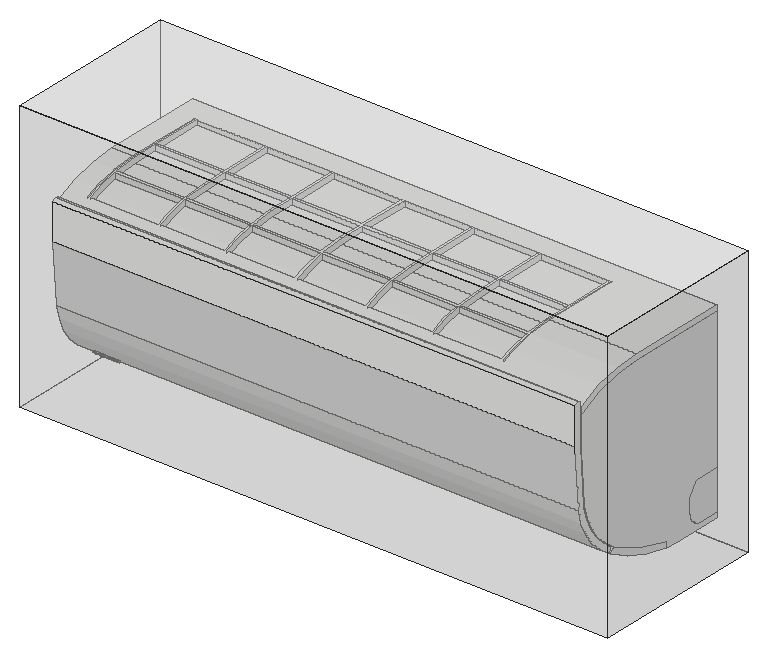
Revit family "outputfile", category 機械設備, Revit 2024
Family settings
  丸型コネクタ寸法 = 半径を使用
  パーツ タイプ = 標準
  OmniClass 番号 = 23.75.10.24.21.27.27
  OmniClass タイトル = Split System Air Conditioning Units
  作業面ベース = いいえ
  常に垂直 = はい
  ロード時にボイドで切り取り = いいえ
  注釈の向きを維持 = いいえ
  共有 = いいえ
  部屋計算ポイント = いいえ
Parameters (values of type "FXAQ20AVM4")
  Description = ""
  製造元 = "Daikin"
  書き出し IFC クラス(タイプ) = "IfcUnitaryEquipmentType"
  定義済み IFC タイプ(タイプ) = "AIRCONDITIONINGUNIT"
  Cost = 0
  モデル = "FXAQ20AVM4"
  Type Comments = ""
  Keynote = ""
  Type Image = (empty or 0)
  Assembly Code = ""
  w3_Indoor air flow = if(Width = 1050.0 mm, 109.0 mm, 1.0 mm)  # 1.0 mm
  w2_Indoor air flow = if(Width = 1050.0 mm, 103.0 mm, 98.0 mm)  # 98.0 mm
  w1_Indoor air flow = if(Width = 1050.0 mm, 108.0 mm, 103.0 mm)  # 103.0 mm
  r_Liquid Pipe Size = Liquid Pipe Size / 2  # 3.2 mm
  r_Gas Pipe Size = Gas Pipe Size / 2  # 6.35 mm
  r_Drain Pipe Size = Drain Pipe Size / 2  # 7.5 mm
  lw_powersupply [instance] = if(Width = 795.0 mm, if(or(Rear Right Connection_refrigerant, Bottom Right Connection_refrigerant), 83.0 mm, if(or(Rear Left Connection_refrigerant, Bottom Left Connection_refrigerant), 740.0 mm, 400.0 mm)), if(Width = 1050.0 mm, if(or(Rear Right Connection_refrigerant, Bottom Right Connection_refrigerant), 83.0 mm, if(or(Rear Left Connection_refrigerant, Bottom Left Connection_refrigerant), 712.0 mm + (1050.0 mm - 795.0 mm), 400.0 mm)), if(or(Rear Right Connection_refrigerant, Bottom Right Connection_refrigerant), 83.0 mm, if(or(Rear Left Connection_refrigerant, Bottom Left Connection_refrigerant), 712.0 mm, 400.0 mm))))  # 400.0 mm
  lw_liquidpipe [instance] = if(Width = 795.0 mm, if(or(Rear Right Connection_refrigerant, Bottom Right Connection_refrigerant), 0.0 mm, if(or(Rear Left Connection_refrigerant, Bottom Left Connection_refrigerant), 627.0 mm, 460.0 mm)), if(Width = 1050.0 mm, if(or(Rear Right Connection_refrigerant, Bottom Right Connection_refrigerant), 0.0 mm, if(or(Rear Left Connection_refrigerant, Bottom Left Connection_refrigerant), 627.0 mm + (1050.0 mm - 795.0 mm), 460.0 mm)), if(or(Rear Right Connection_refrigerant, Bottom Right Connection_refrigerant), 0.0 mm, if(or(Rear Left Connection_refrigerant, Bottom Left Connection_refrigerant), 627.0 mm, 460.0 mm))))  # 460.0 mm
  lw_gaspipe [instance] = if(Width = 795.0 mm, if(or(Rear Right Connection_refrigerant, Bottom Right Connection_refrigerant), 0.0 mm, if(or(Rear Left Connection_refrigerant, Bottom Left Connection_refrigerant), 620.0 mm, 415.0 mm)), if(Width = 1050.0 mm, if(or(Rear Right Connection_refrigerant, Bottom Right Connection_refrigerant), 0.0 mm, if(or(Rear Left Connection_refrigerant, Bottom Left Connection_refrigerant), 620.0 mm + (1050.0 mm - 795.0 mm), 415.0 mm)), if(or(Rear Right Connection_refrigerant, Bottom Right Connection_refrigerant), 0.0 mm, if(or(Rear Left Connection_refrigerant, Bottom Left Connection_refrigerant), 620.0 mm, 415.0 mm))))  # 415.0 mm
  lw_drainpipe [instance] = if(Width = 795.0 mm, if(or(Rear Right Connection_refrigerant, Bottom Right Connection_refrigerant), 0.0 mm, if(or(Rear Left Connection_refrigerant, Bottom Left Connection_refrigerant), 655.0 mm, 475.0 mm)), if(Width = 1050.0 mm, if(or(Rear Right Connection_refrigerant, Bottom Right Connection_refrigerant), 0.0 mm, if(or(Rear Left Connection_refrigerant, Bottom Left Connection_refrigerant), 655.0 mm + (1050.0 mm - 795.0 mm), 475.0 mm)), if(or(Rear Right Connection_refrigerant, Bottom Right Connection_refrigerant), 0.0 mm, if(or(Rear Left Connection_refrigerant, Bottom Left Connection_refrigerant), 655.0 mm, 475.0 mm))))  # 475.0 mm
  l_powersupply_length [instance] = if(Width = 795.0 mm, if(Right Connection_refrigerant, 400.0 mm, if(Left Connection_refrigerant, 395.0 mm, if(or(Rear Left Connection_refrigerant, Rear Right Connection_refrigerant), 15.0 mm, 50.0 mm))), if(Width = 1050.0 mm, if(Right Connection_refrigerant, 400.0 mm, if(Left Connection_refrigerant, 395.0 mm + (1050.0 mm - 795.0 mm), if(or(Rear Left Connection_refrigerant, Rear Right Connection_refrigerant), 15.0 mm, 50.0 mm))), if(Right Connection_refrigerant, 400.0 mm, if(Left Connection_refrigerant, 395.0 mm, if(or(Rear Left Connection_refrigerant, Rear Right Connection_refrigerant), 15.0 mm, 50.0 mm)))))  # 400.0 mm
  l_liquidpipe_length [instance] = if(Width = 795.0 mm, if(Right Connection_refrigerant, 558.0 mm, if(Left Connection_refrigerant, 237.0 mm, if(or(Rear Left Connection_refrigerant, Rear Right Connection_refrigerant), 30.0 mm, 40.0 mm))), if(Width = 1050.0 mm, if(Right Connection_refrigerant, 558.0 mm, if(Left Connection_refrigerant, 237.0 mm + (1050.0 mm - 795.0 mm), if(or(Rear Left Connection_refrigerant, Rear Right Connection_refrigerant), 30.0 mm, 40.0 mm))), if(Right Connection_refrigerant, 558.0 mm, if(Left Connection_refrigerant, 237.0 mm, if(or(Rear Left Connection_refrigerant, Rear Right Connection_refrigerant), 30.0 mm, 40.0 mm)))))  # 558.0 mm
  l_gaspipe_length [instance] = if(Width = 795.0 mm, if(Right Connection_refrigerant, 513.0 mm, if(Left Connection_refrigerant, 282.0 mm, if(or(Rear Left Connection_refrigerant, Rear Right Connection_refrigerant), 40.0 mm, 50.0 mm))), if(Width = 1050.0 mm, if(Right Connection_refrigerant, 513.0 mm, if(Left Connection_refrigerant, 282.0 mm + (1050.0 mm - 795.0 mm), if(or(Rear Left Connection_refrigerant, Rear Right Connection_refrigerant), 40.0 mm, 50.0 mm))), if(Right Connection_refrigerant, 513.0 mm, if(Left Connection_refrigerant, 282.0 mm, if(or(Rear Left Connection_refrigerant, Rear Right Connection_refrigerant), 40.0 mm, 50.0 mm)))))  # 513.0 mm
  l_drainpipe_length [instance] = if(Width = 795.0 mm, if(Right Connection_refrigerant, 573.0 mm, if(Left Connection_refrigerant, 222.0 mm, if(or(Rear Left Connection_refrigerant, Rear Right Connection_refrigerant), 15.0 mm, 20.0 mm))), if(Width = 1050.0 mm, if(Right Connection_refrigerant, 573.0 mm, if(Left Connection_refrigerant, 222.0 mm + (1050.0 mm - 795.0 mm), if(or(Rear Left Connection_refrigerant, Rear Right Connection_refrigerant), 15.0 mm, 20.0 mm))), if(Right Connection_refrigerant, 573.0 mm, if(Left Connection_refrigerant, 477.0 mm, if(or(Rear Left Connection_refrigerant, Rear Right Connection_refrigerant), 15.0 mm, 20.0 mm)))))  # 573.0 mm
  h*** = 0.0 mm  # constant formula
  d1_Indoor air flow = if(Width = 1050.0 mm, 38.0 mm, 35.0 mm)  # 35.0 mm
  angle_vertical [instance] = if(or(Bottom Left Connection_refrigerant, Bottom Right Connection_refrigerant), 0.00°, 90.00°)  # 90.00°
  angle_horizontal [instance] = if(Right Connection_refrigerant, 90.00°, if(Left Connection_refrigerant, -90.00°, if(or(Rear Left Connection_refrigerant, Rear Right Connection_refrigerant), 180.00°, 0.00°)))  # 90.00°
  Width = 795.0 mm
  Voltage_comment_50Hz = "220-240"
  Voltage_50Hz = 230 V
  Version = "ver.1.0"
  Unit Type = "Wall Mounted Type"
  Unit Mass Weight = 12.00 kg
  Unit Designation [instance] = ""
  Uniclass2015Version = "Products v1.30"
  Uniclass2015Title = "Variable refrigerant flow units"
  Uniclass2015Code = "Pr_70_65_03_94"
  URL = ""
  Total Heating Capacity [instance] = 0.000 kW
  Total Cooling Capacity [instance] = 0.000 kW
  Sound Pressure Level_M speed (dBA) = 0
  Sound Pressure Level_L speed (dBA) = 28.5
  Sound Pressure Level_H speed (dBA) = 33
  Sound Power Level_H speed (dB) = 0
  Series = "VRV Fan Coil Unit"
  Sensible Cooling Capacity [instance] = 0.000 kW
  Refrigerant Type = "R410A"
  Power Input (Heating) = 0.040 kW
  Power Input (Cooling) = 0.040 kW
  Phase_50Hz = 1
  Option Accessory 3 [instance] = ""
  Option Accessory 2 [instance] = ""
  Option Accessory 1 [instance] = ""
  Nominal Heating Capacity = 2.500 kW
  Nominal Cooling Capacity = 2.200 kW
  Minimum Circuit Amps_50Hz = 0.6 A
  Minimum Airflow = 420.00 m³/h
  Median Airflow = 0.00 m³/h
  Maximum Fuse Amps_50Hz = 15.0 A
  Maximum Airflow = 546.00 m³/h
  Material_Casing = DAIKIN_White_Casing_indoorunit
  Load Classification = HVAC
  Liquid Pipe Size = 6.4 mm
  Link_Nested Family [instance] = ""
  IfcVersion = "0"
  IfcExportType = "AIRCONDITIONINGUNIT"
  IfcExportAs = "IfcUnitaryEquipmentType"
  Height = 290.0 mm
  Heating Entering Wet Bulb Temperature [instance] = 0.00 °C
  Heating Entering Dry Bulb Temperature [instance] = 0.00 °C
  Heating Ambient Wet Bulb Temperature [instance] = 0.00 °C
  Heating Ambient Dry Bulb Temperature [instance] = 0.00 °C
  Heat Exchanger Type = "Cross Fin Coil"
  Gas Pipe Size = 12.7 mm
  Frequency_50Hz = 50 Hz
  Fan Type = "Cross Flow Fan"
  Fan Drive = "Direct Drive"
  FCU Tag No. [instance] = ""
  Drain Pipe Size = 15.0 mm
  Design Supply Airflow [instance] = 0.00 m³/h
  Depth = 266.0 mm
  既定の高さ = 0.0 mm
  Cooling Entering Wet Bulb Temperature [instance] = 0.00 °C
  Cooling Entering Dry Bulb Temperature [instance] = 0.00 °C
  Cooling Ambient Wet Bulb Temperature [instance] = 0.00 °C
  Cooling Ambient Dry Bulb Temperature [instance] = 0.00 °C
  Clearance visibility [instance] = yes
  Clearance Top = 90.0 mm
  Clearance Right = 50.0 mm
  Clearance Rear = 0.0 mm
  Clearance Left = 50.0 mm
  Clearance Front = 0.0 mm
  Clearance Bottom = 30.0 mm
  Bottom Right Connection_refrigerant [instance] = no
  Bottom Left Connection_refrigerant [instance] = no
  Rear Right Connection_refrigerant [instance] = no
  Rear Left Connection_refrigerant [instance] = no
  Right Connection_refrigerant [instance] = yes
  Left Connection_refrigerant [instance] = no
Reference planes
  plane 1 "Back": y = 0
  plane 2: z = 0
  plane 3 "Center (Left/Right)": x = 0
  plane 4 "Center (Front/Back)": y = -133
  plane 5 "Front": y = -266
  plane 6 "Left": x = -397.5
  plane 7 "Right": x = 397.5
  plane 8 "Top": z = 0
  plane 9 "Bottom": z = -290
  plane 10 "Front panel_Left": x = -395.5
  plane 11 "Front panel_Right": x = 395.5
  plane 12: x = 261.5
  plane 13: x = 256.5
  plane 14: x = -445.5
  plane 15: x = 445.5
  plane 16: y = 0
  plane 17: y = -266
  plane 18: z = 90
  plane 19: z = -320
  plane 20: y = -35
  plane 21: y = -111.5
  plane 22: y = -187.5
  plane 23: y = -237
  plane 24: y = -115
  plane 25: y = -191
  plane 26: x = -50
  plane 27: x = -52
  plane 28: x = -48
  plane 29: x = 55
  plane 30: x = -155
  plane 31: x = -158
  plane 32: x = 58
  plane 33: x = -256
  plane 34: x = 156
  plane 35: x = -259
  plane 36: x = 159
  plane 37: x = -362
  plane 38: x = 262
  plane 39: x = -365
  plane 40: x = 265
  plane 41: x = 266
  plane 42: x = -366
  plane 43 "lw_Piping and Wiring intake": x = 299.5
  plane 44 "lw_gaspipe": x = -115.5
  plane 45 "lw_liquidpipe": x = -160.5
  plane 46 "lw_drainpipe": x = -175.5
  plane 47 "lh_drainpipe": z = -270
  plane 48 "lh_liquidpipe": z = -250
  plane 49 "lh_gaspipe": z = -240
  plane 50 "ld_drainpipe": y = -15
  plane 51 "ld_liquidpipe": y = -30
  plane 52 "ld_gaspipe": y = -40
  plane 53 "lw_powersupply": x = -2.5
Forms (mm)
  Extrusion 1, solid, material "DAIKIN_White_Casing_indoorunit" <- "Material_Casing"
    sketch origin (0, 0, 0) x (0, 1, 0) y (0, 0, 1)
      loop
        line (0, 0) -> (-151.682, 0)
        arc (-151.682, 0) -> (-205.302, -6.828) -> (-255.5, -26.876) r 213.958
        line (-255.5, -26.876) -> (-255.5, -36.08)
        arc (-255.5, -36.08) -> (-205.456, -15.144) -> (-151.682, -8) r 205.958
        line (-151.682, -8) -> (0, -8) -> (0, 0)
    from -397.5 to 397.5
  Extrusion 2, solid, material "DAIKIN_White_Casing_indoorunit" <- "Material_Casing"
    sketch origin (0, 0, 0) x (0, 1, 0) y (0, 0, 1)
      loop
        arc (-151.682, -8) -> (-205.456, -15.144) -> (-255.5, -36.08) r 205.958
        line (-255.5, -36.08) -> (-255.5, -86.08)
        arc (-255.5, -86.08) -> (-253.87, -125.667) -> (-248.99, -164.986) r 481.435
        arc (-248.99, -164.986) -> (-230.945, -209.78) -> (-195.65, -242.741) r 111.486
        arc (-195.65, -242.741) -> (-147.09, -265.96) -> (-95.247, -280.433) r 310.126
        line (-95.247, -280.433) -> (-95.247, -288.232)
        arc (-95.247, -288.232) -> (-84.534, -289.557) -> (-73.748, -290) r 131.592
        line (-73.748, -290) -> (0, -290) -> (0, -8) -> (-151.682, -8)
    from -397.5 to 397.5
  Extrusion 3, solid, material "DAIKIN_White_Casing_indoorunit" <- "Material_Casing"
    sketch origin (397.5, 1296.25, 1200) x (0, 1, 0) y (0, 0, 1)
      loop
        line (-1491.901, -1442.741) -> (-1496.494, -1450.482)
        arc (-1496.494, -1450.482) -> (-1447.058, -1474.911) -> (-1393.497, -1488.023) r 252.452
        line (-1393.497, -1488.023) -> (-1393.497, -1480.051)
        arc (-1393.497, -1480.051) -> (-1444.293, -1465.6) -> (-1491.901, -1442.741) r 310.126
    from 0 to -40.5
  Extrusion 4, solid, material "DAIKIN_White_Casing_indoorunit" <- "Material_Casing"
    sketch origin (0, 0, 0) x (0, 1, 0) y (0, 0, 1)
      loop
        line (-257, -76.896) -> (-257, -19.457) -> (-258.688, -19.457)
        arc (-258.688, -19.457) -> (-262.551, -20.17) -> (-266, -22.048) r 12.48
        line (-266, -22.048) -> (-266, -76.896) -> (-257, -76.896)
    from -395.5 to 395.5
  Extrusion 5, solid, material "DAIKIN_White_Casing_indoorunit" <- "Material_Casing"
    sketch origin (0, 0, 0) x (0, 1, 0) y (0, 0, 1)
      loop
        arc (-266, -76.896) -> (-264.342, -121.828) -> (-259.378, -166.517) r 609.735
        line (-259.378, -166.517) -> (-250.471, -165.192)
        arc (-250.471, -165.192) -> (-255.366, -121.165) -> (-257, -76.896) r 600.314
        line (-257, -76.896) -> (-266, -76.896)
    from -395.5 to 395.5
  Extrusion 6, solid, material "DAIKIN_White_Casing_indoorunit" <- "Material_Casing"
    sketch origin (0, 0, 0) x (0, 1, 0) y (0, 0, 1)
      loop
        arc (-259.378, -166.517) -> (-240.331, -214.672) -> (-201.947, -249.433) r 114
        line (-201.947, -249.433) -> (-197.324, -241.643)
        arc (-197.324, -241.643) -> (-232.845, -209.638) -> (-250.471, -165.192) r 104.894
        line (-250.471, -165.192) -> (-259.378, -166.517)
    from -395.5 to 395.5
  Extrusion 7, solid, material "DAIKIN_White_Casing_indoorunit" <- "Material_Casing"
    sketch origin (-397.5, 1296.25, 1200) x (0, 1, 0) y (0, 0, 1)
      loop
        arc (-1496.494, -1450.482) -> (-1447.058, -1474.911) -> (-1393.497, -1488.023) r 252.452
        line (-1393.497, -1488.023) -> (-1393.497, -1480.051)
        arc (-1393.497, -1480.051) -> (-1444.293, -1465.6) -> (-1491.901, -1442.741) r 310.126
        line (-1491.901, -1442.741) -> (-1496.494, -1450.482)
    from 0 to 40.5
  Extrusion 8, solid, material "DAIKIN_White_Casing_indoorunit" <- "Material_Casing"
    sketch origin (0, 0, 0) x (0, 1, 0) y (0, 0, 1)
      loop
        arc (-133.049, -280.649) -> (-115.282, -284.985) -> (-97.247, -288.023) r 252.452
        line (-97.247, -288.023) -> (-97.247, -280.051)
        arc (-97.247, -280.051) -> (-113.907, -276.335) -> (-130.338, -271.708) r 310.126
        line (-130.338, -271.708) -> (-133.049, -280.649)
    from -357 to 357
  Extrusion 9, solid, material "DAIKIN_White_Casing_indoorunit" <- "Material_Casing"
    sketch origin (261.5, -1524, 1789.769) x (0, 0, 1) y (0, -1, 0)
      loop
        line (-2032.51, -1328.35) -> (-2040.251, -1323.756)
        arc (-2040.251, -1323.756) -> (-2050.358, -1341.058) -> (-2059.061, -1359.107) r 252.452
        line (-2059.061, -1359.107) -> (-2050.603, -1364.126)
        arc (-2050.603, -1364.126) -> (-2042.135, -1345.945) -> (-2032.51, -1328.35) r 310.126
    from 0 to 95.5
  Extrusion 10, solid, material "DAIKIN_White_Casing_indoorunit" <- "Material_Casing"
    sketch origin (261.5, -1524, 1789.769) x (0, 0, 1) y (0, -1, 0)
      loop
        arc (-2059.061, -1359.107) -> (-2065.273, -1374.839) -> (-2070.418, -1390.951) r 252.452
        line (-2070.418, -1390.951) -> (-2061.477, -1393.662)
        arc (-2061.477, -1393.662) -> (-2056.415, -1378.756) -> (-2050.603, -1364.126) r 310.126
        line (-2050.603, -1364.126) -> (-2059.061, -1359.107)
    from 0 to 95.5
  Extrusion 11, solid, material "DAIKIN_White_Casing_indoorunit" <- "Material_Casing"
    sketch origin (256.5, -1524, 1089.438) x (0, 0, 1) y (0, -1, 0)
      loop
        arc (-1350.272, -1364.126) -> (-1341.805, -1345.945) -> (-1332.179, -1328.35) r 310.126
        line (-1332.179, -1328.35) -> (-1339.92, -1323.756)
        arc (-1339.92, -1323.756) -> (-1350.027, -1341.058) -> (-1358.73, -1359.107) r 252.452
        line (-1358.73, -1359.107) -> (-1350.272, -1364.126)
    from 0 to -613.5
  Extrusion 12, solid, material "DAIKIN_White_Casing_indoorunit" <- "Material_Casing"
    sketch origin (256.5, -1524, 1089.438) x (0, 0, 1) y (0, -1, 0)
      loop
        arc (-1361.147, -1393.662) -> (-1356.085, -1378.756) -> (-1350.272, -1364.126) r 310.126
        line (-1350.272, -1364.126) -> (-1358.73, -1359.107)
        arc (-1358.73, -1359.107) -> (-1364.943, -1374.839) -> (-1370.087, -1390.951) r 252.452
        line (-1370.087, -1390.951) -> (-1361.147, -1393.662)
    from 0 to -613.5
  Extrusion 13, void
    sketch origin (0, 0, 0) x (-1, 0, 0) y (0, -1, 0)
      loop
        line (48, 35) -> (48, 111.5) -> (-55, 111.5) -> (-55, 35) -> (48, 35)
      loop
        line (-58, 35) -> (-58, 111.5) -> (-156, 111.5) -> (-156, 35) -> (-58, 35)
      loop
        line (-159, 35) -> (-159, 111.5) -> (-262, 111.5) -> (-262, 35) -> (-159, 35)
      loop
        line (-265, 35) -> (-265, 111.5) -> (-266, 111.5) -> (-266, 35) -> (-265, 35)
      loop
        line (155, 35) -> (155, 111.5) -> (52, 111.5) -> (52, 35) -> (155, 35)
      loop
        line (-265, 115) -> (-265, 187.5) -> (-266, 187.5) -> (-266, 115) -> (-265, 115)
      loop
        line (-265, 191) -> (-265, 237) -> (-266, 237) -> (-266, 191) -> (-265, 191)
      loop
        line (-159, 237) -> (-262, 237) -> (-262, 191) -> (-159, 191) -> (-159, 237)
      loop
        line (-58, 237) -> (-156, 237) -> (-156, 191) -> (-58, 191) -> (-58, 237)
      loop
        line (-55, 191) -> (48, 191) -> (48, 237) -> (-55, 237) -> (-55, 191)
      loop
        line (155, 237) -> (52, 237) -> (52, 191) -> (155, 191) -> (155, 237)
      loop
        line (256, 237) -> (158, 237) -> (158, 191) -> (256, 191) -> (256, 237)
      loop
        line (362, 237) -> (259, 237) -> (259, 191) -> (362, 191) -> (362, 237)
      loop
        line (158, 35) -> (256, 35) -> (256, 111.5) -> (158, 111.5) -> (158, 35)
      loop
        line (259, 35) -> (362, 35) -> (362, 111.5) -> (259, 111.5) -> (259, 35)
      loop
        line (362, 115) -> (362, 187.5) -> (259, 187.5) -> (259, 115) -> (362, 115)
      loop
        line (256, 115) -> (256, 187.5) -> (158, 187.5) -> (158, 115) -> (256, 115)
      loop
        line (155, 115) -> (155, 187.5) -> (52, 187.5) -> (52, 115) -> (155, 115)
      loop
        line (48, 115) -> (48, 187.5) -> (-55, 187.5) -> (-55, 115) -> (48, 115)
      loop
        line (-58, 115) -> (-58, 187.5) -> (-156, 187.5) -> (-156, 115) -> (-58, 115)
      loop
        line (-159, 115) -> (-159, 187.5) -> (-262, 187.5) -> (-262, 115) -> (-159, 115)
      loop
        line (365, 35) -> (366, 35) -> (366, 111.5) -> (365, 111.5) -> (365, 35)
      loop
        line (366, 115) -> (366, 187.5) -> (365, 187.5) -> (365, 115) -> (366, 115)
      loop
        line (366, 237) -> (365, 237) -> (365, 191) -> (366, 191) -> (366, 237)
    from 2 to -30
  Extrusion 14, solid, material "DAIKIN_White_Casing_indoorunit" <- "Material_Casing"
    sketch origin (0, 0, 0) x (1, 0, 0) y (0, 0, 1)
      loop
        circle (299.5, -246) r 40
      loop
        circle (-337.5, -246) r 40
    from 0 to 5
  Extrusion 15, solid, material "DAIKIN_White_Casing_indoorunit" <- "Material_Casing"
    sketch origin (397.5, 1296.25, 1200) x (0, -1, 0) y (0, 0, 1)
      loop
        line (1326.25, -1422) -> (1296.25, -1422) -> (1296.25, -1482) -> (1326.25, -1482)
        arc (1326.25, -1482) -> (1340.393, -1476.142) -> (1346.25, -1462) r 20
        line (1346.25, -1462) -> (1346.25, -1442)
        arc (1346.25, -1442) -> (1340.393, -1427.858) -> (1326.25, -1422) r 20
    from 0 to 5
  Extrusion 16, solid, material "DAIKIN_White_Casing_indoorunit" <- "Material_Casing"
    sketch origin (-397.5, 1296.25, 1200) x (0, 1, 0) y (0, 0, 1)
      loop
        line (-1296.25, -1422) -> (-1326.25, -1422)
        arc (-1326.25, -1422) -> (-1340.393, -1427.858) -> (-1346.25, -1442) r 20
        line (-1346.25, -1442) -> (-1346.25, -1462)
        arc (-1346.25, -1462) -> (-1340.393, -1476.142) -> (-1326.25, -1482) r 20
        line (-1326.25, -1482) -> (-1296.25, -1482) -> (-1296.25, -1422)
    from 0 to 5
  Extrusion 17, solid, material "DAIKIN_White_Casing_indoorunit" <- "Material_Casing"
    sketch origin (0, 0, -290) x (-1, 0, 0) y (0, -1, 0)
      loop
        line (-269.5, 0) -> (-269.5, 30)
        arc (-269.5, 30) -> (-275.358, 44.142) -> (-289.5, 50) r 20
        line (-289.5, 50) -> (-309.5, 50)
        arc (-309.5, 50) -> (-323.642, 44.142) -> (-329.5, 30) r 20
        line (-329.5, 30) -> (-329.5, 0) -> (-269.5, 0)
      loop
        line (367.5, 0) -> (367.5, 30)
        arc (367.5, 30) -> (361.642, 44.142) -> (347.5, 50) r 20
        line (347.5, 50) -> (327.5, 50)
        arc (327.5, 50) -> (313.358, 44.142) -> (307.5, 30) r 20
        line (307.5, 30) -> (307.5, 0) -> (367.5, 0)
    from 0 to 5
Cuts and joins
  joined: Extrusion 4, Extrusion 5, Extrusion 6
  joined: Extrusion 3, Extrusion 7, Extrusion 8
  Extrusion 13 cuts Extrusion 1
Lines and regions (mm)
  reference lines
    curve 1: line (-395.5, -227.394, -229.966) -> (-395.5, -220.117, -236.824)
Dimensions and locks
  equal spacing: plane 6 "Left", plane 3 "Center (Left/Right)", plane 7 "Right"
  "Width": plane 6 "Left" to plane 7 "Right"
  equal spacing: plane 5 "Front", plane 4 "Center (Front/Back)", plane 1 "Back"
  "Depth": plane 5 "Front" to plane 1 "Back"
  "Height": plane 8 "Top" to plane 9 "Bottom"
  locked: Extrusion 1 sketch curve to Extrusion 1 sketch curve at 8
  locked: Extrusion 2 sketch curve to plane 1 "Back" at 73.748
  locked: Extrusion 3 sketch curve to plane 1 "Back" at 97.247
  locked: Extrusion 4 sketch curve to Extrusion 4 sketch curve at 9
  locked: plane 8 "Top" to Extrusion 4 sketch curve at 19.457
  locked: plane 5 "Front" to Extrusion 6 sketch curve at 6.622
  locked: plane 5 "Front" to Extrusion 6 sketch curve at 15.529
  locked: plane 10 "Front panel_Left" to plane 6 "Left" at 2
  locked: plane 7 "Right" to plane 11 "Front panel_Right" at 2
  locked: cut or joined group of Extrusion 3, Extrusion 7, Extrusion 8 to Extrusion 9 sketch curve at 40
  locked: plane 7 "Right" to plane 12 at 136
  locked: plane 12 to plane 13 at 5
  "Clearance Left": plane 14 to plane 10 "Front panel_Left"
  "Clearance Right": plane 11 "Front panel_Right" to plane 15
  "Clearance Rear": plane 16 to plane 1 "Back"
  "Clearance Front": plane 17 to plane 5 "Front"
  "Clearance Top": plane 18 to plane 8 "Top"
  "Clearance Bottom": plane 9 "Bottom" to plane 19
  locked: nested 2 to plane 10 "Front panel_Left" at 50
  "d1_Indoor air flow": plane 20 to plane 1 "Back"
  locked: plane 20 to plane 21 at 76.5
  locked: plane 21 to plane 24 at 3.5
  locked: plane 24 to plane 22 at 72.5
  locked: plane 22 to plane 25 at 3.5
  locked: plane 25 to plane 23 at 46
  locked: plane 26 to plane 3 "Center (Left/Right)" at 50
  equal spacing: plane 27, plane 26, plane 28
  locked: plane 27 to plane 28 at 4
  "w1_Indoor air flow": plane 28 to plane 29
  "w1_Indoor air flow": plane 30 to plane 27
  locked: plane 31 to plane 30 at 3
  locked: plane 29 to plane 32 at 3
  "w2_Indoor air flow": plane 33 to plane 31
  "w2_Indoor air flow": plane 32 to plane 34
  locked: plane 35 to plane 33 at 3
  locked: plane 34 to plane 36 at 3
  locked: plane 37 to plane 35 at 103
  locked: plane 36 to plane 38 at 103
  locked: plane 39 to plane 37 at 3
  locked: plane 38 to plane 40 at 3
  "w3_Indoor air flow": plane 40 to plane 41
  "w3_Indoor air flow": plane 42 to plane 39
  locked: plane 9 "Bottom" to Extrusion 14 sketch curve at 44  (x2)
  locked: Extrusion 14 sketch curve to plane 6 "Left" at 60
  locked: plane 7 "Right" to Extrusion 14 sketch curve at 98
  locked: plane 43 "lw_Piping and Wiring intake" to plane 7 "Right" at 98
  "lw_gaspipe": plane 44 "lw_gaspipe" to plane 43 "lw_Piping and Wiring intake"
  "lw_liquidpipe": plane 45 "lw_liquidpipe" to plane 43 "lw_Piping and Wiring intake"
  "lw_drainpipe": plane 46 "lw_drainpipe" to plane 43 "lw_Piping and Wiring intake"
  locked: plane 47 "lh_drainpipe" to plane 9 "Bottom" at 20
  locked: plane 48 "lh_liquidpipe" to plane 9 "Bottom" at 40
  locked: plane 49 "lh_gaspipe" to plane 9 "Bottom" at 50
  locked: plane 50 "ld_drainpipe" to plane 1 "Back" at 15
  locked: plane 1 "Back" to plane 51 "ld_liquidpipe" at 30
  locked: plane 1 "Back" to plane 52 "ld_gaspipe" at 40
  Extrusion 15 sketch curve to Extrusion 15 sketch curve to plane 9 "Bottom" = 60.0 mm locked, 8.0 mm locked
  locked: Extrusion 15 sketch curve to Extrusion 15 sketch curve at 50
  locked: Extrusion 17 sketch curve to Extrusion 17 sketch curve at 60  (x2)
  locked: Extrusion 17 sketch curve to Extrusion 17 sketch curve at 50
  locked: Extrusion 17 sketch curve to plane 43 "lw_Piping and Wiring intake" at 30
  locked: plane 6 "Left" to Extrusion 17 sketch curve at 30
  "lw_powersupply": plane 53 "lw_powersupply" to plane 7 "Right"
  radius of Extrusion 5 sketch curve = 609.735 mm
  radius of Extrusion 5 sketch curve = 600.314 mm
  aligned and locked: level to plane 2
  aligned and locked: plane 8 "Top" to Extrusion 1 sketch curve
  aligned and locked: plane 1 "Back" to Extrusion 1 sketch curve
  aligned and locked: Extrusion 1 to plane 6 "Left"
  aligned and locked: plane 7 "Right" to Extrusion 1
  aligned and locked: Extrusion 2 sketch curve to Extrusion 1
  aligned and locked: Extrusion 1 to Extrusion 2 sketch curve
  aligned and locked: plane 1 "Back" to Extrusion 2 sketch curve
  aligned and locked: Extrusion 2 sketch curve to plane 9 "Bottom"
  aligned and locked: Extrusion 2 to plane 6 "Left"
  aligned and locked: plane 7 "Right" to Extrusion 2
  aligned and locked: Extrusion 3 sketch curve to Extrusion 2
  aligned and locked: plane 5 "Front" to Extrusion 4 sketch curve
  aligned and locked: Extrusion 5 sketch curve to Extrusion 4
  aligned and locked: Extrusion 6 sketch curve to Extrusion 5
  aligned and locked: cut or joined group of Extrusion 4, Extrusion 5, Extrusion 6 to plane 11 "Front panel_Right"  (x3)
  aligned and locked: plane 10 "Front panel_Left" to cut or joined group of Extrusion 4, Extrusion 5, Extrusion 6  (x3)
  aligned and locked: Extrusion 7 sketch curve to Extrusion 3  (x4)
  aligned and locked: Extrusion 8 sketch curve to Extrusion 3  (x3)
  aligned and locked: Extrusion 8 to Extrusion 3
  aligned and locked: Extrusion 8 to Extrusion 7
  aligned and locked: Extrusion 9 sketch curve to cut or joined group of Extrusion 3, Extrusion 7, Extrusion 8  (x3)
  aligned and locked: Extrusion 10 sketch curve to cut or joined group of Extrusion 3, Extrusion 7, Extrusion 8  (x3)
  aligned and locked: Extrusion 10 sketch curve to Extrusion 9
  aligned and locked: Extrusion 9 to cut or joined group of Extrusion 3, Extrusion 7, Extrusion 8
  aligned and locked: Extrusion 10 to cut or joined group of Extrusion 3, Extrusion 7, Extrusion 8
  aligned and locked: Extrusion 11 sketch curve to Extrusion 9  (x4)
  aligned and locked: Extrusion 11 to cut or joined group of Extrusion 3, Extrusion 7, Extrusion 8
  aligned and locked: Extrusion 12 sketch curve to Extrusion 10  (x4)
  aligned and locked: Extrusion 12 to cut or joined group of Extrusion 3, Extrusion 7, Extrusion 8
  aligned and locked: plane 16 to nested 1
  aligned and locked: nested 1 to plane 17
  aligned and locked: plane 14 to nested 1
  aligned and locked: plane 15 to nested 1
  aligned and locked: plane 19 to nested 1
  aligned and locked: plane 18 to nested 1
  aligned and locked: nested 2 to curve 1
  aligned and locked: Extrusion 13 sketch curve to plane 20  (x5)
  aligned and locked: plane 28 to Extrusion 13 sketch curve  (x2)
  aligned and locked: plane 21 to Extrusion 13 sketch curve  (x5)
  aligned and locked: Extrusion 13 sketch curve to plane 29  (x2)
  aligned and locked: plane 32 to Extrusion 13 sketch curve  (x2)
  aligned and locked: Extrusion 13 sketch curve to plane 34  (x2)
  aligned and locked: plane 36 to Extrusion 13 sketch curve  (x2)
  aligned and locked: Extrusion 13 sketch curve to plane 38  (x2)
  aligned and locked: plane 40 to Extrusion 13 sketch curve  (x3)
  aligned and locked: Extrusion 13 sketch curve to plane 41  (x3)
  aligned and locked: plane 30 to Extrusion 13 sketch curve  (x2)
  aligned and locked: Extrusion 13 sketch curve to plane 27  (x2)
  aligned and locked: Extrusion 13 sketch curve to plane 24  (x8)
  aligned and locked: plane 22 to Extrusion 13 sketch curve  (x8)
  aligned and locked: Extrusion 13 sketch curve to plane 25
  aligned and locked: plane 23 to Extrusion 13 sketch curve
  aligned and locked: Extrusion 13 sketch curve to plane 23  (x7)
  aligned and locked: Extrusion 13 sketch curve to plane 36
  aligned and locked: plane 25 to Extrusion 13 sketch curve  (x7)
  aligned and locked: plane 38 to Extrusion 13 sketch curve
  aligned and locked: Extrusion 13 sketch curve to plane 32
  aligned and locked: plane 34 to Extrusion 13 sketch curve
  aligned and locked: plane 29 to Extrusion 13 sketch curve
  aligned and locked: Extrusion 13 sketch curve to plane 28
  aligned and locked: Extrusion 13 sketch curve to plane 30
  aligned and locked: plane 27 to Extrusion 13 sketch curve
  aligned and locked: Extrusion 13 sketch curve to plane 33  (x2)
  aligned and locked: plane 31 to Extrusion 13 sketch curve  (x2)
  aligned and locked: Extrusion 13 sketch curve to plane 37  (x2)
  aligned and locked: plane 35 to Extrusion 13 sketch curve  (x2)
  aligned and locked: plane 20 to Extrusion 13 sketch curve  (x3)
  aligned and locked: Extrusion 13 sketch curve to plane 21  (x3)
  aligned and locked: plane 37 to Extrusion 13 sketch curve
  aligned and locked: Extrusion 13 sketch curve to plane 35
  aligned and locked: plane 33 to Extrusion 13 sketch curve
  aligned and locked: Extrusion 13 sketch curve to plane 31
  aligned and locked: plane 39 to Extrusion 13 sketch curve  (x2)
  aligned and locked: Extrusion 13 sketch curve to plane 42  (x2)
  aligned and locked: plane 42 to Extrusion 13 sketch curve
  aligned and locked: Extrusion 13 sketch curve to plane 39
  aligned and locked: plane 1 "Back" to Extrusion 15 sketch curve
  aligned and locked: Extrusion 16 sketch curve to Extrusion 15  (x4)
  aligned and locked: Extrusion 17 sketch curve to Extrusion 17 sketch curve  (x2)
  aligned and locked: plane 1 "Back" to Extrusion 17 sketch curve
  aligned and locked: plane 44 "lw_gaspipe" to nested 3
  aligned and locked: nested 3 to plane 52 "ld_gaspipe"
  aligned and locked: plane 45 "lw_liquidpipe" to nested 4
  aligned and locked: nested 4 to plane 51 "ld_liquidpipe"
  aligned and locked: plane 46 "lw_drainpipe" to nested 5
  aligned and locked: nested 5 to plane 50 "ld_drainpipe"
  aligned and locked: nested 6 to plane 50 "ld_drainpipe"
  aligned and locked: plane 53 "lw_powersupply" to nested 6
  aligned and locked: level to plane 8 "Top"
Automatic sketch dimensions
  Extrusion 1 sketch curve to plane 8 "Top" = 0.0 mm
  Extrusion 1 sketch curve to plane 4 "Center (Front/Back)" = 18.682 mm
  Extrusion 1 sketch curve to Extrusion 1 sketch curve = 9.205 mm
  Extrusion 1 sketch curve to Extrusion 1 sketch curve = 0.0 mm  (x3)
  Extrusion 1 sketch curve to plane 5 "Front" = 10.5 mm
  Extrusion 2 sketch curve to plane 4 "Center (Front/Back)" = 6.011 mm
  plane 9 "Bottom" to Extrusion 2 sketch curve = 9.567 mm
  Extrusion 2 sketch curve to Extrusion 2 sketch curve = 21.499 mm
  plane 1 "Back" to Extrusion 2 sketch curve = 38.095 mm
  Extrusion 2 sketch curve to plane 8 "Top" = 86.08 mm
  Extrusion 2 sketch curve to Extrusion 2 sketch curve = 7.799 mm
  Extrusion 2 sketch curve to Extrusion 2 sketch curve = 11.695 mm
  plane 8 "Top" to Extrusion 2 sketch curve = 24.382 mm
  Extrusion 2 sketch curve to Extrusion 2 sketch curve = 0.0 mm  (x2)
  Extrusion 4 sketch curve to Extrusion 4 sketch curve = 1.688 mm
  Extrusion 4 sketch curve to plane 5 "Front" = 7.618 mm
  Extrusion 4 sketch curve to Extrusion 4 sketch curve = 12.476 mm
  Extrusion 4 sketch curve to Extrusion 4 sketch curve = 44.963 mm
  Extrusion 5 sketch curve to Extrusion 5 sketch curve = 0.421 mm
  Extrusion 5 sketch curve to plane 5 "Front" = 6.622 mm
  Extrusion 5 sketch curve to Extrusion 5 sketch curve = 8.907 mm
  Extrusion 5 sketch curve to plane 5 "Front" = 0.0 mm
  plane 9 "Bottom" to Extrusion 6 sketch curve = 40.567 mm
  Extrusion 6 sketch curve to Extrusion 6 sketch curve = 4.622 mm
  Extrusion 6 sketch curve to Extrusion 6 sketch curve = 0.102 mm
  Extrusion 6 sketch curve to Extrusion 6 sketch curve = 0.003 mm
  Extrusion 6 sketch curve to Extrusion 6 sketch curve = 48.524 mm
  Extrusion 6 sketch curve to Extrusion 6 sketch curve = 50.607 mm
  plane 9 "Bottom" to Extrusion 3 sketch curve = 47.259 mm
  Extrusion 3 sketch curve to Extrusion 3 sketch curve = 4.593 mm
  plane 1 "Back" to Extrusion 3 sketch curve = 64.356 mm
  plane 9 "Bottom" to Extrusion 3 sketch curve = 1.977 mm
  Extrusion 3 sketch curve to Extrusion 3 sketch curve = 7.741 mm
  plane 4 "Center (Front/Back)" to Extrusion 8 sketch curve = 2.662 mm
  Extrusion 8 sketch curve to plane 4 "Center (Front/Back)" = 0.049 mm
  plane 9 "Bottom" to curve 1 = 53.176 mm
  curve 1 to plane 5 "Front" = 45.883 mm
  curve 1 to curve 1 = 6.859 mm
  curve 1 to curve 1 = 7.277 mm
  Extrusion 15 sketch curve to plane 51 "ld_liquidpipe" = 0.0 mm  (x2)
  Extrusion 17 sketch curve to plane 51 "ld_liquidpipe" = 0.0 mm  (x4)
  radius of Extrusion 14 sketch curve = 40.0 mm  (x2)
Nested families
  nested 1: "daikin_clearancespace" at (0, -133, -114.881), show <- "Clearance visibility", visible <- "Clearance visibility", Link_Nested Family <- "Link_Nested Family", type "daikin_clearancespace"
    with width 891.0 mm, show yes, height 410.0 mm, depth 266.0 mm, Link_Nested Family ""
  nested 2: "daikin_logo_plane_w40" at (-345.5, -227.722, -229.657) x (1, 0, 0) z (0, -0.6859, -0.7277), type "daikin_logo_plane_w40"
    with show_logo yes
  nested 3: "daikin_connector_rotate3" at (-115.5, -40, -240), angle_vertical <- "angle_vertical", angle_horizontal <- "angle_horizontal", length <- "l_gaspipe_length", radius <- "r_Gas Pipe Size", type "daikin_connector_rotate3"
    with show no, radius 6.35 mm, length 513.0 mm, angle_vertical 90.00°, angle_horizontal 90.00°
  nested 4: "daikin_connector_rotate3" at (-160.5, -30, -250), angle_vertical <- "angle_vertical", angle_horizontal <- "angle_horizontal", radius <- "r_Liquid Pipe Size", length <- "l_liquidpipe_length", type "daikin_connector_rotate3"
    with show no, radius 3.2 mm, length 558.0 mm, angle_vertical 90.00°, angle_horizontal 90.00°
  nested 5: "daikin_connector_rotate3" at (-175.5, -15, -270), angle_vertical <- "angle_vertical", angle_horizontal <- "angle_horizontal", length <- "l_drainpipe_length", radius <- "r_Drain Pipe Size", type "daikin_connector_rotate3"
    with show no, radius 7.5 mm, length 573.0 mm, angle_vertical 90.00°, angle_horizontal 90.00°
  nested 6: "daikin_connector_rotate3" at (-2.5, -15, -240), angle_vertical <- "angle_vertical", angle_horizontal <- "angle_horizontal", length <- "l_powersupply_length", type "daikin_connector_rotate3"
    with show no, radius 10.0 mm, length 400.0 mm, angle_vertical 90.00°, angle_horizontal 90.00°
Connectors
  piping at (397.5, -40, -240), diameter 12.7, driven by "r_Gas Pipe Size"
    settings: on nested 3, index 1, connector inside diameter 609.6 mm, connector length 0.0 mm, flow factor 0, pipe flow 0.00 m³/h, pressure drop 0.0 Pa, fitting loss kfactor 0, connector angle 0.00°, fixture units 0, engagement length 0.0 mm, angle of deflection 0.00°, flow configuration 1, flow direction 2, fitting loss method 0, system type 29, joint type 0, gender type 0, connector reference index -1, connector utility 0, adjustable connector no, is connector primary yes, connector description "Refrigerant Gas Piping"
  piping at (397.5, -30, -250), diameter 6.4, driven by "r_Liquid Pipe Size"
    settings: on nested 4, index 2, connector inside diameter 609.6 mm, connector length 0.0 mm, flow factor 0, pipe flow 0.00 m³/h, pressure drop 0.0 Pa, fitting loss kfactor 0, connector angle 0.00°, fixture units 0, engagement length 0.0 mm, angle of deflection 0.00°, flow configuration 1, flow direction 1, fitting loss method 0, system type 29, joint type 0, gender type 0, connector reference index -1, connector utility 0, adjustable connector no, is connector primary no, connector description "Refrigerant Liquid Piping"
  piping at (397.5, -15, -270), diameter 15, driven by "r_Drain Pipe Size"
    settings: on nested 5, index 3, connector inside diameter 609.6 mm, connector length 0.0 mm, flow factor 0, pipe flow 0.00 m³/h, pressure drop 0.0 Pa, fitting loss kfactor 0, connector angle 0.00°, fixture units 0, engagement length 0.0 mm, angle of deflection 0.00°, flow configuration 1, flow direction 2, fitting loss method 4, system type 16, joint type 0, gender type 0, connector reference index -1, connector utility 0, adjustable connector no, is connector primary no, connector description "Condensate Drain Piping"
  electrical at (397.5, -15, -240), driven by "Load Classification"
    settings: on nested 6, index 4, voltage 0 V, apparent load 0 VA, apparent load phase1 0 VA, apparent load phase2 0 VA, apparent load phase3 0 VA, power factor 1, load classification "HVAC", number of poles 1, system type 30, power factor state 1, is connector primary yes, connector utility no, sub classification motor no, connector description "Power Supply"
Definition of nested family "daikin_clearancespace"
  Parameters (values of type "daikin_clearancespace")
    Description = "daikin_clearancespace"
    width [instance] = 1823.963 mm
    show [instance] = yes
    material = none
    height [instance] = 1359.762 mm
    depth [instance] = 880.0 mm
    Default Elevation = 0.0 mm
    Link_Nested Family [instance] = ""
  Reference planes
    plane 1 "Center (Front/Back)": y = 0
    plane 2 "Center (Elevation)": z = -0.119
    plane 3 "Center (Left/Right)": x = 0
    plane 4: y = 440
    plane 5: y = -440
    plane 6 "Right": x = 911.982
    plane 7 "Left": x = -911.982
    plane 8 "Top": z = 679.762
    plane 9 "Bottom": z = -680
  Forms (mm)
    Extrusion 1, solid, material <- "material", visible <- "show"
      sketch origin (0, 0, 0) x (1, 0, 0) y (0, 1, 0)
        loop
          line (-911.982, 440) -> (-911.982, -440) -> (911.982, -440) -> (911.982, 440) -> (-911.982, 440)
      from -680 to 679.762
  Lines and regions (mm)
    symbolic lines, visible <- "show"
      curve 1: line (911.982, 440, 0) -> (-911.982, 440, 0)
      curve 2: line (-911.982, 440, 0) -> (-911.982, -440, 0)
      curve 3: line (-911.982, -440, 0) -> (911.982, -440, 0)
      curve 4: line (911.982, -440, 0) -> (911.982, 440, 0)
      curve 5: line (911.982, 0, 679.762) -> (-911.982, 0, 679.762)
      curve 6: line (911.982, 0, -680) -> (911.982, 0, 679.762)
      curve 7: line (-911.982, 0, -680) -> (911.982, 0, -680)
      curve 8: line (-911.982, 0, 679.762) -> (-911.982, 0, -680)
      curve 9: line (0, 440, 679.762) -> (0, -440, 679.762)
      curve 10: line (0, -440, 679.762) -> (0, -440, -680)
      curve 11: line (0, 440, -680) -> (0, 440, 679.762)
      curve 12: line (0, -440, -680) -> (0, 440, -680)
  Dimensions and locks
    "width": plane 7 "Left" to plane 6 "Right"
    "depth": plane 4 to plane 5
    "height": plane 8 "Top" to plane 9 "Bottom"
    equal spacing: plane 7 "Left", plane 3 "Center (Left/Right)", plane 6 "Right"
    equal spacing: plane 4, plane 1 "Center (Front/Back)", plane 5
    equal spacing: plane 8 "Top", plane 2 "Center (Elevation)", plane 9 "Bottom"
    aligned and locked: level to plane 2 "Center (Elevation)"
    aligned and locked: Extrusion 1 sketch curve to plane 4
    aligned and locked: plane 7 "Left" to Extrusion 1 sketch curve
    aligned and locked: Extrusion 1 sketch curve to plane 5
    aligned and locked: Extrusion 1 sketch curve to plane 6 "Right"
    aligned and locked: plane 8 "Top" to Extrusion 1
    aligned and locked: curve 1 to Extrusion 1
    aligned and locked: curve 2 to Extrusion 1
    aligned and locked: curve 3 to Extrusion 1
    aligned and locked: curve 4 to Extrusion 1
    aligned and locked: curve 5 to Extrusion 1
    aligned and locked: curve 6 to Extrusion 1
    aligned and locked: curve 7 to Extrusion 1
    aligned and locked: curve 8 to Extrusion 1
    aligned and locked: curve 9 to Extrusion 1
    aligned and locked: curve 10 to Extrusion 1
    aligned and locked: curve 11 to Extrusion 1
    aligned and locked: curve 12 to Extrusion 1
    aligned and locked: Extrusion 1 to plane 9 "Bottom"
Definition of nested family "daikin_logo_plane_w40"
  Parameters (values of type "daikin_logo_plane_w40")
    width = 40.0 mm
    show_logo [instance] = yes
    material = none
    height = 0.0 mm
    depth = 0.0 mm
    Default Elevation = 1219.2 mm
  Reference planes
    plane 1 "Center (Front/Back)": y = 0
    plane 2: z = 0
    plane 3 "Center (Left/Right)": x = 0
    plane 4: z = 2
    plane 5 "left": x = -19
    plane 6: x = 19
  Forms (mm)
    Extrusion 1, solid, visible <- "show_logo"
      sketch origin (-19, 0, 0) x (1, 0, 0) y (0, 1, 0)
        loop
          line (8.902, -1.878) -> (7.789, -6.332) -> (11.13, -6.332)
          arc (11.13, -6.332) -> (12.454, -6.064) -> (13.472, -5.176) r 2.642
          arc (13.472, -5.176) -> (13.92, -4.02) -> (13.767, -2.79) r 2.537
          arc (13.767, -2.79) -> (13.452, -2.342) -> (12.982, -2.06) r 1.321
          arc (12.982, -2.06) -> (12.063, -1.902) -> (11.13, -1.878) r 6.479
          line (11.13, -1.878) -> (8.902, -1.878)
        loop
          line (10.016, -5.441) -> (10.907, -5.441)
          arc (10.907, -5.441) -> (11.591, -4.983) -> (11.988, -4.261) r 1.742
          spline (11.988, -4.261) -> (12.01, -4.155) -> (12.027, -4.03) -> (12.037, -3.893) -> (12.037, -3.747) -> (12.026, -3.598) -> (12.002, -3.451) -> (11.962, -3.31) -> (11.905, -3.181) -> (11.829, -3.069) -> (11.731, -2.978) -> (11.61, -2.913) -> (11.464, -2.88)
          line (11.464, -2.88) -> (10.573, -2.88) -> (10.016, -5.441)
        loop
          line (13.58, -6.332) -> (14.805, -6.332) -> (15.223, -5.553) -> (16.977, -5.553) -> (17.144, -6.332) -> (19.149, -6.332) -> (18.258, -1.878) -> (16.03, -1.878) -> (13.58, -6.332)
        loop
          line (16.476, -3.214) -> (15.76, -4.551) -> (16.762, -4.551) -> (16.476, -3.214)
        loop
          line (19.705, -6.332) -> (21.599, -6.332) -> (22.712, -1.878) -> (20.819, -1.878) -> (19.705, -6.332)
        loop
          line (22.712, -6.332) -> (24.606, -6.332) -> (24.908, -5.122) -> (25.831, -6.332) -> (28.17, -6.332) -> (26.388, -3.994) -> (28.949, -1.878) -> (26.945, -1.878) -> (25.401, -3.153) -> (25.719, -1.878) -> (23.826, -1.878) -> (22.712, -6.332)
        loop
          line (29.84, -1.878) -> (28.615, -6.332) -> (30.62, -6.332) -> (31.734, -1.878) -> (29.84, -1.878)
        loop
          line (31.734, -6.332) -> (33.07, -6.332) -> (33.7, -3.814) -> (34.518, -6.332) -> (36.745, -6.332) -> (37.859, -1.878) -> (36.523, -1.878) -> (35.845, -4.589) -> (34.963, -1.878) -> (32.847, -1.878) -> (31.734, -6.332)
      from 0 to 2
    Extrusion 2, solid, visible <- "show_logo"
      sketch origin (-19, 0, 0) x (1, 0, 0) y (0, 1, 0)
        loop
          line (8.7, 0) -> (4.235, 0) -> (0, -3.879) -> (0, -8) -> (8.7, 0)
      from 0 to 2
    Extrusion 3, solid, visible <- "show_logo"
      sketch origin (-19, 0, 0) x (1, 0, 0) y (0, 1, 0)
        loop
          line (0, 0) -> (0, -3.879) -> (4.235, 0) -> (0, 0)
      from 0 to 2
  Dimensions and locks
    plane 4 to plane 2 = 2.0 mm
    equal spacing: plane 5 "left", plane 3 "Center (Left/Right)", plane 6
    locked: plane 5 "left" to plane 6 at 38
    aligned and locked: level to plane 2
    aligned and locked: Extrusion 3 to plane 1 "Center (Front/Back)"  (x2)
    aligned and locked: Extrusion 2 to plane 1 "Center (Front/Back)"  (x2)
    aligned and locked: plane 4 to Extrusion 1
    aligned and locked: plane 4 to Extrusion 3
    aligned and locked: plane 4 to Extrusion 2
    aligned and locked: Extrusion 3 to plane 5 "left"
    aligned and locked: Extrusion 2 to plane 5 "left"
  Automatic sketch dimensions
    Extrusion 1 sketch curve to Extrusion 1 sketch curve = 0.901 mm
    Extrusion 1 sketch curve to Extrusion 1 sketch curve = 1.559 mm
    Extrusion 1 sketch curve to Extrusion 1 sketch curve = 1.327 mm
    Extrusion 1 sketch curve to Extrusion 1 sketch curve = 2.145 mm
    Extrusion 1 sketch curve to Extrusion 1 sketch curve = 1.448 mm
    Extrusion 1 sketch curve to Extrusion 1 sketch curve = 2.116 mm
    Extrusion 1 sketch curve to Extrusion 1 sketch curve = 1.114 mm  (x4)
    Extrusion 1 sketch curve to Extrusion 1 sketch curve = 1.336 mm  (x2)
    plane 1 "Center (Front/Back)" to Extrusion 1 sketch curve = 1.878 mm  (x5)
    Extrusion 1 sketch curve to Extrusion 1 sketch curve = 1.893 mm  (x5)
    Extrusion 1 sketch curve to Extrusion 1 sketch curve = 0.891 mm  (x4)
    Extrusion 1 sketch curve to Extrusion 1 sketch curve = 2.005 mm  (x3)
    Extrusion 1 sketch curve to Extrusion 1 sketch curve = 0.445 mm  (x2)
    plane 1 "Center (Front/Back)" to Extrusion 1 sketch curve = 3.994 mm
    Extrusion 1 sketch curve to Extrusion 1 sketch curve = 0.557 mm  (x2)
    Extrusion 1 sketch curve to Extrusion 1 sketch curve = 2.339 mm  (x2)
    Extrusion 1 sketch curve to Extrusion 1 sketch curve = 1.225 mm  (x3)
    plane 1 "Center (Front/Back)" to Extrusion 1 sketch curve = 3.153 mm
    Extrusion 1 sketch curve to Extrusion 1 sketch curve = 0.987 mm
    plane 1 "Center (Front/Back)" to Extrusion 1 sketch curve = 5.122 mm
    Extrusion 1 sketch curve to Extrusion 1 sketch curve = 0.922 mm
    plane 1 "Center (Front/Back)" to Extrusion 1 sketch curve = 6.332 mm
    Extrusion 1 sketch curve to Extrusion 1 sketch curve = 2.562 mm
    plane 1 "Center (Front/Back)" to Extrusion 1 sketch curve = 5.553 mm
    Extrusion 1 sketch curve to Extrusion 1 sketch curve = 0.167 mm
    Extrusion 1 sketch curve to Extrusion 1 sketch curve = 0.215 mm
    plane 1 "Center (Front/Back)" to Extrusion 1 sketch curve = 3.214 mm
    Extrusion 1 sketch curve to Extrusion 1 sketch curve = 0.286 mm
    plane 1 "Center (Front/Back)" to Extrusion 1 sketch curve = 4.551 mm
    Extrusion 1 sketch curve to Extrusion 1 sketch curve = 1.002 mm
    Extrusion 1 sketch curve to Extrusion 1 sketch curve = 0.537 mm
    Extrusion 1 sketch curve to Extrusion 1 sketch curve = 0.418 mm
    Extrusion 1 sketch curve to Extrusion 1 sketch curve = 1.028 mm
    plane 1 "Center (Front/Back)" to Extrusion 1 sketch curve = 4.261 mm
    Extrusion 1 sketch curve to Extrusion 1 sketch curve = 0.563 mm
    plane 1 "Center (Front/Back)" to Extrusion 1 sketch curve = 2.88 mm
    Extrusion 1 sketch curve to Extrusion 1 sketch curve = 1.088 mm
    Extrusion 1 sketch curve to Extrusion 1 sketch curve = 2.152 mm
    Extrusion 1 sketch curve to Extrusion 1 sketch curve = 0.586 mm
    Extrusion 1 sketch curve to Extrusion 1 sketch curve = 0.118 mm
    Extrusion 1 sketch curve to Extrusion 1 sketch curve = 0.298 mm
    Extrusion 1 sketch curve to Extrusion 1 sketch curve = 0.334 mm
    Extrusion 1 sketch curve to Extrusion 1 sketch curve = 0.223 mm
    Extrusion 1 sketch curve to Extrusion 1 sketch curve = 0.266 mm
    Extrusion 1 sketch curve to Extrusion 1 sketch curve = 1.671 mm
    Extrusion 1 sketch curve to Extrusion 1 sketch curve = 2.227 mm
    Extrusion 1 sketch curve to Extrusion 1 sketch curve = 0.0 mm  (x7)
    Extrusion 1 sketch curve to Extrusion 1 sketch curve = 3.453 mm
    Extrusion 1 sketch curve to Extrusion 1 sketch curve = 2.017 mm
    Extrusion 1 sketch curve to Extrusion 1 sketch curve = 0.78 mm  (x2)
    Extrusion 1 sketch curve to Extrusion 1 sketch curve = 1.743 mm
    Extrusion 1 sketch curve to Extrusion 1 sketch curve = 0.775 mm
    Extrusion 1 sketch curve to Extrusion 1 sketch curve = 0.552 mm
    Extrusion 1 sketch curve to Extrusion 1 sketch curve = 0.014 mm
    Extrusion 1 sketch curve to Extrusion 1 sketch curve = 0.952 mm
    Extrusion 1 sketch curve to Extrusion 1 sketch curve = 1.215 mm
    Extrusion 1 sketch curve to Extrusion 1 sketch curve = 0.108 mm
    plane 1 "Center (Front/Back)" to Extrusion 2 sketch curve = 0.0 mm
    Extrusion 2 sketch curve to plane 3 "Center (Left/Right)" = 19.0 mm
    Extrusion 2 sketch curve to plane 3 "Center (Left/Right)" = 14.765 mm
    Extrusion 2 sketch curve to Extrusion 2 sketch curve = 4.465 mm
    plane 1 "Center (Front/Back)" to Extrusion 2 sketch curve = 3.879 mm
    Extrusion 2 sketch curve to Extrusion 2 sketch curve = 4.12 mm
    plane 1 "Center (Front/Back)" to Extrusion 3 sketch curve = 0.0 mm
    Extrusion 3 sketch curve to plane 3 "Center (Left/Right)" = 19.0 mm
    Extrusion 3 sketch curve to plane 3 "Center (Left/Right)" = 14.765 mm
    plane 1 "Center (Front/Back)" to Extrusion 3 sketch curve = 3.879 mm
    Extrusion 1 sketch curve to plane 3 "Center (Left/Right)" = 11.211 mm
    Extrusion 1 sketch curve to Extrusion 1 sketch curve = 1.782 mm
Definition of nested family "daikin_connector_rotate3"
  Parameters (values of type "daikin_connector_rotate3")
    show [instance] = yes
    radius [instance] = 10.0 mm
    length [instance] = 600.0 mm
    angle_horizontal [instance] = 60.00°
    angle_vertical [instance] = 90.00°
    Default Elevation = 1219.2 mm
  Reference planes
    plane 1 "Center (Front/Back)": y = 0
    plane 2: z = 0
    plane 3 "Center (Left/Right)": x = 0
  Dimensions and locks
    "angle_horizontal": angle plane 3 "Center (Left/Right)" to nested 1
    aligned and locked: level to plane 2
    aligned and locked: plane 1 "Center (Front/Back)" to nested 1  (x2)
    aligned and locked: plane 3 "Center (Left/Right)" to nested 1
  Nested families
    nested 1: "daikin_connector_rotate2" at (0, 0, 0) x (0.5, 0.866, 0) z (0, 0, 1), angle_vertical <- "angle_vertical", length <- "length", radius <- "radius", type "daikin_connector_rotate2"
      with radius 10.0 mm, length 600.0 mm, angle_vertical 90.00°
  Definition of nested family "daikin_connector_rotate2"
    Parameters (values of type "daikin_connector_rotate2")
      show_face = yes
      radius [instance] = 10.0 mm
      length [instance] = 600.0 mm
      d_surface = 10.0 mm
      angle_vertical [instance] = 90.00°
      Default Elevation = 0.0 mm
    Reference planes
      plane 1 "Center (Front/Back)": y = 0
      plane 2: z = 0
      plane 3 "Center (Left/Right)": x = 0
    Forms (mm)
      Extrusion 1, solid, visible <- "show_face"
        sketch origin (0, -600, 0) x (1, 0, 0) y (0, 0, 1)
          loop
            circle (0, 0) r 10
        from 0 to -10
    Lines and regions (mm)
      reference lines
        curve 1: line (0, 0, 0) -> (0, -600, 0)
      symbolic lines
        curve 2: circle (0, 0, 0) r 5 normal (0, 0, 1)
      model lines, visible <- "show_face"
        curve 3: line (0, 0, 0) -> (0, -600, 0)
    Dimensions and locks
      "length": curve 1 to curve 1
      "length": curve 3 to curve 3
      "d_surface": Extrusion 1 to Extrusion 1
      "radius": radius of Extrusion 1 sketch curve
      "angle_vertical": angle curve 1 to plane 1 "Center (Front/Back)"
      "angle_vertical": angle curve 3 to plane 1 "Center (Front/Back)"
      aligned and locked: level to plane 2
      aligned and locked: plane 1 "Center (Front/Back)" to curve 1
      aligned and locked: plane 2 to curve 1
      aligned and locked: plane 1 "Center (Front/Back)" to curve 2
      aligned and locked: plane 3 "Center (Left/Right)" to curve 2
      aligned and locked: plane 1 "Center (Front/Back)" to curve 3
      aligned and locked: plane 2 to curve 3
      aligned and locked: Extrusion 1 to Extrusion 1
    Automatic sketch dimensions
      Extrusion 1 sketch curve to level = 0.0 mm
      Extrusion 1 sketch curve to plane 3 "Center (Left/Right)" = 0.0 mm
      radius of curve 2 = 5.0 mm
